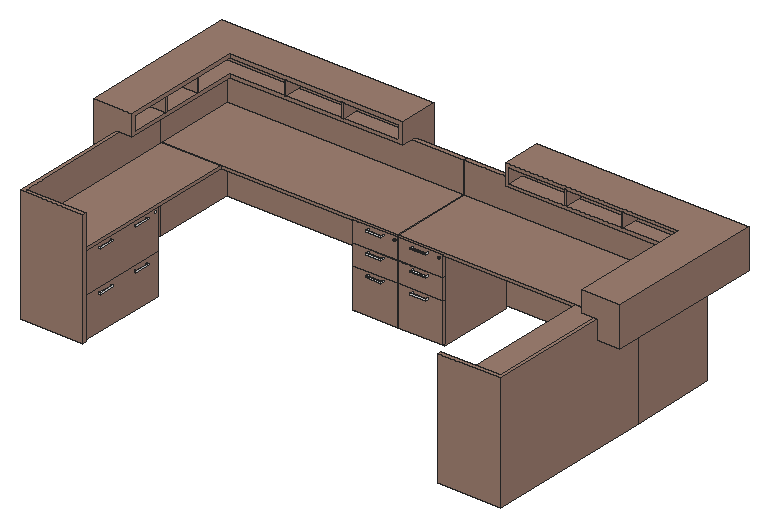
Revit family "T100015", category Furniture, Revit 2022
Family settings
  OmniClass Number = 23.40.20.00
  OmniClass Title = General Furniture and Specialties
  Work Plane-Based = No
  Always vertical = Yes
  Cut with Voids When Loaded = No
  Render Appearance Source = Family Geometry
  Shared = No
  Room Calculation Point = No
Parameters
  Default Elevation = 0' - 0"
Reference planes (in)
  plane 1 "Center Front/Back": y = 0
  plane 2: z = 0
  plane 3 "Center Left/Right": x = 0
Dimensions and locks (in)
  aligned and locked: level to plane 2
Nested families (in)
  nested 1: "OFS ELEMENT DOUBLE DESK TRANSACTION BOX 84in Width 60in Return" at (42, 19, 0), type "ELEMENT DOUBLE DESK WITH TRANSACTION BOX 84in Width 60in Return"
    with Desk Overlay Option yes
  nested 2: "OFS ELEMENT LATERAL FILE PEDESTAL" at (81.5, -43.1875, 0) x (0, -1, 0) z (0, 0, 1), type "ELEMENT LATERAL FILE PEDESTAL"
  nested 3: "OFS ELEMENT LATERAL FILE PEDESTAL" at (-81.40698, -43.1875, 0) x (0, 1, 0) z (0, 0, 1), type "ELEMENT LATERAL FILE PEDESTAL"
  nested 4: "OFS ELEMENT DESK PEDESTAL" at (7.8125, 27.34545, 0), type "ELEMENT DESK PEDESTAL BOX/BOX/FILE RETURN"
  nested 5: "OFS ELEMENT DESK PEDESTAL" at (-7.8125, 27.34545, 0), type "ELEMENT DESK PEDESTAL BOX/BOX/FILE RETURN"
Definition of nested family "OFS ELEMENT DOUBLE DESK TRANSACTION BOX 84in Width 60in Return"
  Parameters (values of type "ELEMENT DOUBLE DESK WITH TRANSACTION BOX 84in Width 60in Return")
    Worksurface Material = none
    Worksurface Height = 2' - 5 1/2"
    Width = 2 * (Desk Width) + 1' 4"  # 15' - 4"
    Desk Width = 7' - 0"
    URL = "http://www.ofsbrands.com/"
    Transaction Shelf Material = none
    Table Depth = 1' - 1 1/2"
    Return Worksurface Width = 1' - 10"
    Model = "EL-B84D60"
    Manufacturer = "OFS"
    Lateral Board Thickness = 0' - 1 3/16"
    Height = 3' - 11 3/4"
    Standoffs Material = none
    Groomet Material = none
    Desk Overlay Thickness = 0' - 0 1/8"
    Desk Overlay Option [instance] = yes
    Desk Overlay Material = none
    Desk Overlay = 0' - 6 1/2"
    Desk Height = 3' - 4 1/2"
    Description = "OFS BRANDS OFS ELEMENT DOUBLE DESK WITH TRANSACTION BOX,  2 x 92\"W x 56\"D DESK, 2 x 60\"W x 22\"D RETURN"
    Desk Depth = 3' - 2"
    Depth = 8' - 2"
    Default Elevation = 0' - 0"
    Copyright © = "© 2018 OFS BRANDS"
    Catalog = "http://ofs.com/products/casegoods/reception/element"
    Box Material = none
    Box L = 1' - 6"
    Box Depth = 0' - 8"
    Box D = 3' - 6"
    Bottom Board Offset = 0' - 0"
    Chassis Material = none
    Base Depth = 2' - 6"
    Back Board Thickness = 0' - 1 3/16"
    Authoring Version = "Autodesk Revit Architecture 2013"
    Assembly Code = "E2020200"
  Reference planes (in)
    plane 1 "Center Front/Back": y = 0
    plane 2: z = 0
    plane 3 "Center Left/Right": x = 0
    plane 4 "Back External": y = 19
    plane 5 "Right External": x = 42
    plane 6 "Front External": y = -19
    plane 7 "Left External": x = -42
    plane 8 "Seat Height": z = 29.5
    plane 9 "Height": z = 47.75
    plane 10: x = 40.8125
    plane 11: x = -40.8125
    plane 12: y = 11
    plane 13: y = 9.8125
    plane 14: y = 5.5
    plane 15: z = 40.5
    plane 16: z = 28.5
    plane 17: z = 46.625
    plane 18: z = 0
    plane 19: x = 35.5
    plane 20: x = -35.5
    plane 21: z = 6.5
    plane 22: z = 34
    plane 23: y = 11.125
    plane 24: y = -79
    plane 25: x = -20
    plane 26: x = 20
    plane 27: y = -77.8125
    plane 28: x = -37
    plane 29: x = 37
    plane 30: x = -24
    plane 31: x = 50
    plane 32: x = -50
    plane 33: x = -36.5
    plane 34: x = 36.5
    plane 35: x = 24
    plane 36: y = -37
    plane 37: y = -35.8125
    plane 38: x = 48.8125
    plane 39: x = -48.8125
    plane 40: x = -22.8125
    plane 41: x = 22.8125
    plane 42: z = 41.625
    plane 43: y = 17.8125
    plane 44: y = -8.27083
    plane 45: y = -22.04167
    plane 46: x = -3.04167
    plane 47: x = 16.72917
    plane 48: x = 3.04167
    plane 49: x = -16.72917
    plane 50: x = -84
    plane 51: x = -126
    plane 52: x = -124.8125
    plane 53: x = -101.5
    plane 54: x = -42.5
    plane 55: x = -58
    plane 56: x = -104
    plane 57: x = -47
    plane 58: x = -121
    plane 59: x = -60
    plane 60: x = -134
    plane 61: x = -41.5
    plane 62: x = -120.5
    plane 63: x = -108
    plane 64: x = -132.8125
    plane 65: x = -55.1875
    plane 66: x = -106.8125
    plane 67: y = -8.27083
    plane 68: y = -22.04167
    plane 69: x = -80.95833
    plane 70: x = -100.72917
    plane 71: x = -85.04167
    plane 72: x = -63.27083
    plane 73: x = -43.1875
    plane 74: x = -61.1875
    plane 75: x = -41.40625
    plane 76: x = -42.59375
  Forms (in)
    Extrusion 1, solid, material <- "Worksurface Material"
      sketch origin (0, 0, 0) x (1, 0, 0) y (0, 1, 0)
        loop
          line (-42, 9.8125) -> (-42, -19) -> (40.8125, -19) -> (40.8125, 9.8125) -> (-42, 9.8125)
      from 28.5 to 29.5
    Extrusion 2, solid, material <- "Chassis Material"
      sketch origin (0, 0, 0) x (1, 0, 0) y (0, 1, 0)
        loop
          line (-42, 9.8125) -> (40.8125, 9.8125) -> (40.8125, -19) -> (42, -19) -> (42, 11) -> (-42, 11) -> (-42, 9.8125)
      from 0 to 40.5
    Extrusion 3, solid, material <- "Box Material"
      sketch origin (0, 0, 6) x (1, 0, 0) y (0, 1, 0)
        loop
          line (-24, 19) -> (-24, 5.5) -> (36.5, 5.5) -> (36.5, -37) -> (50, -37) -> (50, 19) -> (-24, 19)
      from 40.625 to 41.75
    Extrusion 4, solid, material <- "Desk Overlay Material", visible <- "Desk Overlay Option"
      sketch origin (0, 0, 0) x (1, 0, 0) y (0, 0, 1)
        loop
          line (35.5, 34) -> (-35.5, 34) -> (-35.5, 6.5) -> (35.5, 6.5) -> (35.5, 34)
      from -11.125 to -11
    Extrusion 5, solid, material <- "Chassis Material"
      sketch origin (0, 0, 0) x (-1, 0, 0) y (0, -1, 0)
        loop
          line (-42, 19) -> (-40.8125, 19) -> (-40.8125, 77.8125) -> (-20, 77.8125) -> (-20, 79) -> (-42, 79) -> (-42, 19)
      from 0 to 40.5
    Extrusion 6, solid, material <- "Worksurface Material"
      sketch origin (-14.83926, -32.43958, 0) x (-1, 0, 0) y (0, -1, 0)
        loop
          line (-55.65176, -13.43958) -> (-34.83926, -13.43958) -> (-34.83926, 45.37292) -> (-55.65176, 45.37292) -> (-55.65176, -13.43958)
      from 28.5 to 29.5
    Extrusion 7, solid, material <- "Box Material"
      sketch origin (-22, -38, 6) x (1, 0, 0) y (0, 1, 0)
        loop
          line (-2, 49) -> (-2, 43.5) -> (58.5, 43.5) -> (58.5, 1) -> (64, 1) -> (64, 49) -> (-2, 49)
      from 34.5 to 35.625
    Extrusion 8, solid, material <- "Box Material"
      sketch origin (0, 0, 0) x (1, 0, 0) y (0, 1, 0)
        loop
          line (-24, 19) -> (-24, 17.8125) -> (48.8125, 17.8125) -> (48.8125, -37) -> (50, -37) -> (50, 19) -> (-24, 19)
      from 34 to 47.75
    Extrusion 9, solid, material <- "Box Material"
      sketch origin (0, 0, 0) x (-1, 0, 0) y (0, 0, -1)
        loop
          line (-48.8125, -46.625) -> (-36.5, -46.625) -> (-36.5, -41.625) -> (-42, -41.625) -> (-42, -34) -> (-48.8125, -34) -> (-48.8125, -46.625)
      from 35.8125 to 37
    Extrusion 10, solid, material <- "Box Material"
      sketch origin (0, 5.66667, 0) x (1, 0, 0) y (0, 1, 0)
        loop
          line (36.5, -13.8125) -> (36.5, -14.0625) -> (48.8125, -14.0625) -> (48.8125, -13.8125) -> (36.5, -13.8125)
      from 41.625 to 46.625
    Extrusion 11, solid, material <- "Box Material"
      sketch origin (0, -6.66667, 0) x (1, 0, 0) y (0, 1, 0)
        loop
          line (36.5, -15.25) -> (36.5, -15.5) -> (48.8125, -15.5) -> (48.8125, -15.25) -> (36.5, -15.25)
      from 41.625 to 46.625
    Extrusion 12, solid, material <- "Box Material"
      sketch origin (1.16497, -1.66375, 0) x (1, 0, 0) y (0, 1, 0)
        loop
          line (15.58503, 19.47625) -> (15.58503, 7.16375) -> (15.9392, 7.16375) -> (15.9392, 19.47625) -> (15.58503, 19.47625)
      from 41.625 to 46.625
    Extrusion 13, solid, material <- "Box Material"
      sketch origin (-14.60586, -1.66375, 0) x (1, 0, 0) y (0, 1, 0)
        loop
          line (11.1892, 19.47625) -> (11.1892, 7.16375) -> (11.9392, 7.16375) -> (11.9392, 19.47625) -> (11.1892, 19.47625)
      from 41.625 to 46.625
    Extrusion 14, solid, material <- "Box Material"
      sketch origin (-3.41497, -1.91375, 0) x (-1, 0, 0) y (0, -1, 0)
        loop
          line (19.39753, -19.72625) -> (20.58503, -19.72625) -> (20.58503, -7.41375) -> (19.39753, -7.41375) -> (19.39753, -19.72625)
      from 41.625 to 46.625
    Extrusion 15, solid, material <- "Box Material"
      sketch origin (-3.41497, -1.91375, 0) x (-1, 0, 0) y (0, -1, 0)
        loop
          line (19.39753, -19.72625) -> (20.58503, -19.72625) -> (20.58503, -12.91375) -> (19.39753, -12.91375) -> (19.39753, -19.72625)
      from 34 to 41.625
    Extrusion 16, solid, material <- "Box Material"
      sketch origin (-72, 0, 6) x (-1, 0, 0) y (0, -1, 0)
        loop
          line (-12, -19) -> (62, -19) -> (62, 37) -> (48.5, 37) -> (48.5, -5.5) -> (-12, -5.5) -> (-12, -19)
      from 40.625 to 41.75
    Extrusion 17, solid, material <- "Chassis Material"
      sketch origin (-72, 0, 0) x (1, 0, 0) y (0, 1, 0)
        loop
          line (-54, -19) -> (-54, -79) -> (-32, -79) -> (-32, -77.8125) -> (-52.8125, -77.8125) -> (-52.8125, -19) -> (-54, -19)
      from 0 to 40.5
    Extrusion 18, solid, material <- "Worksurface Material"
      sketch origin (-57.16074, -32.43958, 0) x (1, 0, 0) y (0, 1, 0)
        loop
          line (-67.65176, 13.43958) -> (-67.65176, -45.37292) -> (-46.83926, -45.37292) -> (-46.83926, 13.43958) -> (-67.65176, 13.43958)
      from 28.5 to 29.5
    Extrusion 19, solid, material <- "Box Material"
      sketch origin (-50, -38, 6) x (-1, 0, 0) y (0, -1, 0)
        loop
          line (10, -49) -> (76, -49) -> (76, -1) -> (70.5, -1) -> (70.5, -43.5) -> (10, -43.5) -> (10, -49)
      from 34.5 to 35.625
    Extrusion 20, solid, material <- "Box Material"
      sketch origin (-72, 0, 0) x (-1, 0, 0) y (0, -1, 0)
        loop
          line (-12, -19) -> (62, -19) -> (62, 37) -> (60.8125, 37) -> (60.8125, -17.8125) -> (-12, -17.8125) -> (-12, -19)
      from 34 to 47.75
    Extrusion 21, solid, material <- "Box Material"
      sketch origin (-72, 0, 0) x (1, 0, 0) y (0, 0, 1)
        loop
          line (-60.8125, 46.625) -> (-60.8125, 34) -> (-54, 34) -> (-54, 41.625) -> (-48.5, 41.625) -> (-48.5, 46.625) -> (-60.8125, 46.625)
      from 35.8125 to 37
    Extrusion 22, solid, material <- "Box Material"
      sketch origin (-72, 5.66667, 0) x (-1, 0, 0) y (0, -1, 0)
        loop
          line (48.5, 13.8125) -> (60.8125, 13.8125) -> (60.8125, 14.0625) -> (48.5, 14.0625) -> (48.5, 13.8125)
      from 41.625 to 46.625
    Extrusion 23, solid, material <- "Box Material"
      sketch origin (-72, -6.66667, 0) x (-1, 0, 0) y (0, -1, 0)
        loop
          line (48.5, 15.25) -> (60.8125, 15.25) -> (60.8125, 15.5) -> (48.5, 15.5) -> (48.5, 15.25)
      from 41.625 to 46.625
    Extrusion 24, solid, material <- "Box Material"
      sketch origin (-73.16497, -1.66375, 0) x (-1, 0, 0) y (0, -1, 0)
        loop
          line (27.58503, -19.47625) -> (27.9392, -19.47625) -> (27.9392, -7.16375) -> (27.58503, -7.16375) -> (27.58503, -19.47625)
      from 41.625 to 46.625
    Extrusion 25, solid, material <- "Box Material"
      sketch origin (-57.39414, -1.66375, 0) x (-1, 0, 0) y (0, -1, 0)
        loop
          line (23.1892, -19.47625) -> (23.9392, -19.47625) -> (23.9392, -7.16375) -> (23.1892, -7.16375) -> (23.1892, -19.47625)
      from 41.625 to 46.625
    Extrusion 26, solid, material <- "Box Material"
      sketch origin (-68.58503, -1.91375, 0) x (1, 0, 0) y (0, 1, 0)
        loop
          line (7.39753, 19.72625) -> (7.39753, 7.41375) -> (8.58503, 7.41375) -> (8.58503, 19.72625) -> (7.39753, 19.72625)
      from 41.625 to 46.625
    Extrusion 27, solid, material <- "Box Material"
      sketch origin (-68.58503, -1.91375, 0) x (1, 0, 0) y (0, 1, 0)
        loop
          line (7.39753, 19.72625) -> (7.39753, 12.91375) -> (8.58503, 12.91375) -> (8.58503, 19.72625) -> (7.39753, 19.72625)
      from 34 to 41.625
    Extrusion 28, solid, material <- "Worksurface Material"
      sketch origin (-72, 0, 0) x (-1, 0, 0) y (0, -1, 0)
        loop
          line (-30, -9.8125) -> (52.8125, -9.8125) -> (52.8125, 19) -> (-30, 19) -> (-30, -9.8125)
      from 28.5 to 29.5
    Extrusion 29, solid, material <- "Chassis Material"
      sketch origin (-72, 0, 0) x (-1, 0, 0) y (0, -1, 0)
        loop
          line (-30, -9.8125) -> (-30, -11) -> (54, -11) -> (54, 19) -> (52.8125, 19) -> (52.8125, -9.8125) -> (-30, -9.8125)
      from 0 to 40.5
    Extrusion 30, solid, material <- "Desk Overlay Material", visible <- "Desk Overlay Option"
      sketch origin (-72, 0, 0) x (-1, 0, 0) y (0, 0, -1)
        loop
          line (29.5, -34) -> (29.5, -6.5) -> (-29.5, -6.5) -> (-29.5, -34) -> (29.5, -34)
      from -11.125 to -11
    Extrusion 31, solid, material <- "Chassis Material"
      sketch origin (0, 0, 0) x (1, 0, 0) y (0, 1, 0)
        loop
          line (-42.59375, 9.8125) -> (-42.59375, 0) -> (-41.40625, 0) -> (-41.40625, 9.8125) -> (-42.59375, 9.8125)
      from 0 to 28.5
  Cuts and joins
    joined: Extrusion 3, Extrusion 7, Extrusion 8, Extrusion 9, Extrusion 14, Extrusion 15
    joined: Extrusion 16, Extrusion 19, Extrusion 20, Extrusion 21, Extrusion 26, Extrusion 27
  Dimensions and locks (in)
    equal spacing: plane 7 "Left External", plane 3 "Center Left/Right", plane 5 "Right External"
    "Desk Width": plane 7 "Left External" to plane 5 "Right External"
    equal spacing: plane 6 "Front External", plane 1 "Center Front/Back", plane 4 "Back External"
    "Desk Depth": plane 4 "Back External" to plane 6 "Front External"
    "Worksurface Height": plane 8 "Seat Height" to level
    "Height": plane 9 "Height" to level
    "Lateral Board Thickness": plane 7 "Left External" to plane 11
    "Lateral Board Thickness": plane 10 to plane 5 "Right External"
    "Base Depth": plane 12 to plane 6 "Front External"
    "Back Board Thickness": plane 12 to plane 13
    "Table Depth": plane 4 "Back External" to plane 14
    "Desk Height": plane 15 to level
    "Bottom Board Offset": plane 18 to level
    "Desk Overlay": plane 5 "Right External" to plane 19
    "Desk Overlay": plane 20 to plane 7 "Left External"
    plane 20 to plane 19 = 5' - 11"
    "Desk Overlay": plane 22 to plane 15
    "Desk Overlay": plane 18 to plane 21
    "Desk Overlay Thickness": plane 23 to plane 12
    "Depth": plane 4 "Back External" to plane 24
    "Return Worksurface Width": plane 7 "Left External" to plane 25
    "Return Worksurface Width": plane 26 to plane 5 "Right External"
    "Back Board Thickness": plane 27 to plane 24
    locked: plane 7 "Left External" to plane 28 at 5
    locked: plane 29 to plane 5 "Right External" at 5
    locked: plane 9 "Height" to plane 17 at 1.125
    locked: plane 8 "Seat Height" to plane 16 at 1
    "Box Depth": plane 5 "Right External" to plane 31
    "Box Depth": plane 7 "Left External" to plane 32
    "Table Depth": plane 32 to plane 33
    "Table Depth": plane 31 to plane 34
    "Box L": plane 7 "Left External" to plane 30
    "Box L": plane 5 "Right External" to plane 35
    "Box D": plane 36 to plane 24
    "Back Board Thickness": plane 37 to plane 36
    "Back Board Thickness": plane 38 to plane 31
    "Back Board Thickness": plane 39 to plane 32
    "Back Board Thickness": plane 30 to plane 40
    "Back Board Thickness": plane 41 to plane 35
    locked: plane 42 to plane 15 at 1.125
    "Back Board Thickness": plane 4 "Back External" to plane 43
    equal spacing: plane 14, plane 44, plane 45, plane 37
    equal spacing: plane 40, plane 46, plane 47, plane 34
    equal spacing: plane 41, plane 48, plane 49, plane 33
    equal spacing: plane 7 "Left External", plane 50, plane 51
    "Desk Width": plane 7 "Left External" to plane 51
    "Lateral Board Thickness": plane 52 to plane 51
    plane 12 to plane 6 "Front External" = 2' - 6"
    plane 12 to plane 13 = 0' - 1 3/16"
    "Table Depth": Extrusion 16 to plane 14
    "Return Worksurface Width": plane 56 to plane 51
    locked: plane 7 "Left External" to plane 57 at 5
    locked: plane 58 to plane 51 at 5
    "Box Depth": plane 51 to plane 60
    "Table Depth": plane 60 to plane 62
    "Box L": plane 7 "Left External" to plane 59
    "Box L": plane 51 to plane 63
    "Back Board Thickness": plane 64 to plane 60
    "Back Board Thickness": plane 66 to plane 63
    equal spacing: plane 14, plane 67, plane 68, plane 37
    equal spacing: plane 74, plane 69, plane 70, plane 62
    equal spacing: plane 66, plane 71, plane 72, plane 61
    "Lateral Board Thickness": plane 7 "Left External" to plane 73
    "Back Board Thickness": plane 74 to plane 59
    "Back Board Thickness": plane 76 to plane 75
    equal spacing: plane 76, plane 7 "Left External", plane 75
    aligned and locked: level to plane 2
    aligned and locked: Extrusion 1 sketch curve to plane 13
    aligned and locked: Extrusion 1 sketch curve to plane 6 "Front External"
    aligned and locked: Extrusion 1 sketch curve to plane 10
    aligned and locked: plane 7 "Left External" to Extrusion 2 sketch curve
    aligned and locked: Extrusion 2 sketch curve to plane 12
    aligned and locked: plane 5 "Right External" to Extrusion 2 sketch curve
    aligned and locked: Extrusion 2 sketch curve to plane 13
    aligned and locked: Extrusion 2 to plane 18
    aligned and locked: Extrusion 3 to plane 14
    aligned and locked: Extrusion 3 to plane 4 "Back External"
    aligned and locked: Extrusion 3 to plane 9 "Height"
    aligned and locked: Extrusion 3 to plane 17
    aligned and locked: Extrusion 4 sketch curve to plane 22
    aligned and locked: Extrusion 4 sketch curve to plane 19
    aligned and locked: Extrusion 4 sketch curve to plane 21
    aligned and locked: Extrusion 4 sketch curve to plane 20
    aligned and locked: Extrusion 4 to plane 12
    aligned and locked: Extrusion 4 to plane 23
    aligned and locked: Extrusion 6 to plane 6 "Front External"
    aligned and locked: Extrusion 6 to plane 26
    aligned and locked: Extrusion 6 to plane 10
    aligned and locked: Extrusion 6 to plane 27
    aligned and locked: Extrusion 5 to plane 6 "Front External"
    aligned and locked: Extrusion 5 to plane 10
    aligned and locked: Extrusion 5 to plane 5 "Right External"
    aligned and locked: plane 27 to Extrusion 5
    aligned and locked: Extrusion 5 to plane 24
    aligned and locked: Extrusion 5 to plane 18
    aligned and locked: Extrusion 5 to plane 15
    aligned and locked: plane 31 to Extrusion 3 sketch curve
    aligned and locked: plane 34 to Extrusion 3 sketch curve
    aligned and locked: plane 36 to Extrusion 3 sketch curve
    aligned and locked: Extrusion 3 sketch curve to plane 30
    aligned and locked: Extrusion 6 to plane 16
    aligned and locked: Extrusion 6 to plane 8 "Seat Height"
    aligned and locked: Extrusion 2 to plane 15
    aligned and locked: Extrusion 7 to plane 15
    aligned and locked: Extrusion 7 to plane 42
    aligned and locked: plane 36 to Extrusion 8 sketch curve
    aligned and locked: plane 31 to Extrusion 8 sketch curve
    aligned and locked: Extrusion 8 sketch curve to plane 38
    aligned and locked: Extrusion 8 to plane 30
    aligned and locked: Extrusion 9 to plane 36
    aligned and locked: plane 37 to Extrusion 9
    aligned and locked: Extrusion 8 to plane 9 "Height"
    aligned and locked: plane 22 to Extrusion 9
    aligned and locked: Extrusion 8 to plane 22
    aligned and locked: Extrusion 10 to plane 34
    aligned and locked: Extrusion 11 to plane 34
    aligned and locked: Extrusion 11 to plane 17
    aligned and locked: Extrusion 10 to plane 17
    aligned and locked: Extrusion 11 to plane 42
    aligned and locked: Extrusion 10 to plane 42
    aligned and locked: Extrusion 11 to plane 38
    aligned and locked: Extrusion 10 to plane 38
    aligned and locked: Extrusion 7 to plane 36
    aligned and locked: plane 5 "Right External" to Extrusion 7
    aligned and locked: Extrusion 7 to plane 30
    aligned and locked: Extrusion 8 to plane 43
    aligned and locked: Extrusion 7 to plane 12
    aligned and locked: Extrusion 13 to plane 14
    aligned and locked: plane 43 to Extrusion 13
    aligned and locked: plane 43 to Extrusion 12
    aligned and locked: plane 17 to Extrusion 13
    aligned and locked: plane 17 to Extrusion 12
    aligned and locked: Extrusion 13 to plane 42
    aligned and locked: Extrusion 12 to plane 42
    aligned and locked: Extrusion 14 to plane 30
    aligned and locked: plane 40 to Extrusion 14
    aligned and locked: plane 43 to Extrusion 14
    aligned and locked: Extrusion 14 to plane 14
    aligned and locked: plane 17 to Extrusion 14
    aligned and locked: Extrusion 14 to plane 42
    aligned and locked: Extrusion 15 to plane 22
    aligned and locked: Extrusion 15 to plane 12
    aligned and locked: plane 43 to Extrusion 15
    aligned and locked: Extrusion 15 to plane 30
    aligned and locked: plane 42 to Extrusion 15
    aligned and locked: plane 14 to Extrusion 16
    aligned and locked: Extrusion 16 to plane 4 "Back External"
    aligned and locked: Extrusion 18 to plane 6 "Front External"
    aligned and locked: plane 56 to Extrusion 18
    aligned and locked: Extrusion 18 to plane 52
    aligned and locked: plane 27 to Extrusion 18
    aligned and locked: Extrusion 17 to plane 6 "Front External"
    aligned and locked: plane 52 to Extrusion 17
    aligned and locked: Extrusion 17 to plane 51
    aligned and locked: Extrusion 17 to plane 27
    aligned and locked: plane 24 to Extrusion 17
    aligned and locked: plane 60 to Extrusion 16 sketch curve
    aligned and locked: plane 62 to Extrusion 16 sketch curve
    aligned and locked: Extrusion 16 sketch curve to plane 36
    aligned and locked: Extrusion 16 sketch curve to plane 59
    aligned and locked: Extrusion 20 sketch curve to plane 36
    aligned and locked: Extrusion 20 sketch curve to plane 60
    aligned and locked: plane 64 to Extrusion 20 sketch curve
    aligned and locked: plane 59 to Extrusion 20
    aligned and locked: plane 36 to Extrusion 21
    aligned and locked: Extrusion 21 to plane 37
    aligned and locked: plane 62 to Extrusion 22
    aligned and locked: plane 62 to Extrusion 23
    aligned and locked: plane 64 to Extrusion 23
    aligned and locked: plane 64 to Extrusion 22
    aligned and locked: plane 36 to Extrusion 19
    aligned and locked: Extrusion 19 to plane 51
    aligned and locked: plane 59 to Extrusion 19
    aligned and locked: Extrusion 19 to plane 12
    aligned and locked: plane 14 to Extrusion 25
    aligned and locked: plane 59 to Extrusion 26
    aligned and locked: plane 14 to Extrusion 26
    aligned and locked: plane 12 to Extrusion 27
    aligned and locked: plane 59 to Extrusion 27
    aligned and locked: Extrusion 28 to Extrusion 29 sketch curve
    aligned and locked: Extrusion 29 sketch curve to Extrusion 28
    aligned and locked: plane 74 to Extrusion 26
    aligned and locked: plane 74 to Extrusion 27
    aligned and locked: Extrusion 1 to plane 7 "Left External"
    aligned and locked: plane 7 "Left External" to Extrusion 28
    aligned and locked: Extrusion 31 sketch curve to plane 13
    aligned and locked: plane 76 to Extrusion 31 sketch curve
    aligned and locked: Extrusion 31 sketch curve to plane 1 "Center Front/Back"
    aligned and locked: plane 75 to Extrusion 31 sketch curve
    aligned and locked: Extrusion 31 to Extrusion 1
  Automatic sketch dimensions
    Extrusion 3 sketch curve to plane 14 = 0' - 0"
    plane 4 "Back External" to Extrusion 3 sketch curve = 0' - 0"
    Extrusion 5 sketch curve to plane 5 "Right External" = 0' - 0"
    Extrusion 5 sketch curve to plane 10 = 0' - 0"
    Extrusion 5 sketch curve to plane 26 = 0' - 0"
    Extrusion 5 sketch curve to plane 24 = 0' - 0"
    Extrusion 5 sketch curve to plane 27 = 0' - 0"
    Extrusion 5 sketch curve to plane 6 "Front External" = 0' - 0"
    Extrusion 6 sketch curve to plane 10 = 0' - 0"
    Extrusion 6 sketch curve to plane 26 = 0' - 0"
    Extrusion 6 sketch curve to plane 27 = 0' - 0"
    Extrusion 6 sketch curve to plane 6 "Front External" = 0' - 0"
    Extrusion 7 sketch curve to plane 12 = 0' - 0"
    Extrusion 7 sketch curve to plane 30 = 0' - 0"
    Extrusion 7 sketch curve to plane 34 = 0' - 0"
    Extrusion 7 sketch curve to plane 5 "Right External" = 0' - 0"
    Extrusion 7 sketch curve to plane 36 = 0' - 0"
    Extrusion 7 sketch curve to plane 14 = 0' - 0"
    Extrusion 8 sketch curve to plane 4 "Back External" = 0' - 0"
    Extrusion 8 sketch curve to plane 30 = 0' - 0"
    plane 43 to Extrusion 8 sketch curve = 0' - 0"
    Extrusion 9 sketch curve to plane 17 = 0' - 0"
    plane 38 to Extrusion 9 sketch curve = 0' - 0"
    Extrusion 9 sketch curve to plane 5 "Right External" = 0' - 0"
    Extrusion 9 sketch curve to plane 34 = 0' - 0"
    Extrusion 9 sketch curve to plane 22 = 0' - 0"
    Extrusion 9 sketch curve to plane 42 = 0' - 0"
    Extrusion 10 sketch curve to plane 34 = 0' - 0"
    Extrusion 10 sketch curve to plane 38 = 0' - 0"
    Extrusion 10 sketch curve to plane 44 = 0' - 0 1/8"
    plane 44 to Extrusion 10 sketch curve = 0' - 0 1/8"
    Extrusion 11 sketch curve to plane 34 = 0' - 0"
    Extrusion 11 sketch curve to plane 38 = 0' - 0"
    Extrusion 11 sketch curve to plane 45 = 0' - 0 1/8"
    plane 45 to Extrusion 11 sketch curve = 0' - 0 1/8"
    Extrusion 12 sketch curve to plane 14 = 0' - 0"
    Extrusion 12 sketch curve to plane 43 = 0' - 0"
    plane 47 to Extrusion 12 sketch curve = 0' - 0.02083"
    Extrusion 12 sketch curve to Extrusion 12 sketch curve = 0' - 0.35417"
    Extrusion 13 sketch curve to plane 14 = 0' - 0"
    Extrusion 13 sketch curve to plane 43 = 0' - 0"
    Extrusion 13 sketch curve to plane 46 = 0' - 0 3/8"
    plane 46 to Extrusion 13 sketch curve = 0' - 0 3/8"
    Extrusion 14 sketch curve to plane 14 = 0' - 0"
    Extrusion 14 sketch curve to plane 40 = 0' - 0"
    Extrusion 14 sketch curve to plane 30 = 0' - 0"
    Extrusion 14 sketch curve to plane 43 = 0' - 0"
    Extrusion 15 sketch curve to plane 12 = 0' - 0"
    Extrusion 15 sketch curve to plane 40 = 0' - 0"
    Extrusion 15 sketch curve to plane 30 = 0' - 0"
    Extrusion 15 sketch curve to plane 43 = 0' - 0"
    Extrusion 16 sketch curve to plane 4 "Back External" = 0' - 0"
    Extrusion 16 sketch curve to plane 14 = 0' - 0"
    Extrusion 17 sketch curve to plane 24 = 0' - 0"
    Extrusion 17 sketch curve to plane 51 = 0' - 0"
    Extrusion 17 sketch curve to plane 27 = 0' - 0"
    Extrusion 17 sketch curve to plane 52 = 0' - 0"
    Extrusion 17 sketch curve to plane 56 = 0' - 0"
    Extrusion 17 sketch curve to plane 6 "Front External" = 0' - 0"
    Extrusion 18 sketch curve to plane 27 = 0' - 0"
    Extrusion 18 sketch curve to plane 52 = 0' - 0"
    Extrusion 18 sketch curve to plane 56 = 0' - 0"
    Extrusion 18 sketch curve to plane 6 "Front External" = 0' - 0"
    Extrusion 19 sketch curve to plane 12 = 0' - 0"
    Extrusion 19 sketch curve to plane 59 = 0' - 0"
    Extrusion 19 sketch curve to plane 36 = 0' - 0"
    Extrusion 19 sketch curve to plane 62 = 0' - 0"
    Extrusion 19 sketch curve to plane 51 = 0' - 0"
    Extrusion 19 sketch curve to plane 14 = 0' - 0"
    Extrusion 20 sketch curve to plane 4 "Back External" = 0' - 0"
    Extrusion 20 sketch curve to plane 59 = 0' - 0"
    Extrusion 20 sketch curve to plane 43 = 0' - 0"
    Extrusion 21 sketch curve to plane 17 = 0' - 0"
    Extrusion 21 sketch curve to plane 64 = 0' - 0"
    Extrusion 21 sketch curve to plane 42 = 0' - 0"
    plane 51 to Extrusion 21 sketch curve = 0' - 0"
    plane 62 to Extrusion 21 sketch curve = 0' - 0"
    Extrusion 21 sketch curve to plane 22 = 0' - 0"
    Extrusion 22 sketch curve to plane 62 = 0' - 0"
    Extrusion 22 sketch curve to plane 64 = 0' - 0"
    plane 44 to Extrusion 22 sketch curve = 0' - 0 1/8"
    Extrusion 22 sketch curve to plane 44 = 0' - 0 1/8"
    Extrusion 23 sketch curve to plane 62 = 0' - 0"
    Extrusion 23 sketch curve to plane 64 = 0' - 0"
    plane 45 to Extrusion 23 sketch curve = 0' - 0 1/8"
    Extrusion 23 sketch curve to plane 45 = 0' - 0 1/8"
    Extrusion 24 sketch curve to plane 14 = 0' - 0"
    Extrusion 24 sketch curve to plane 43 = 0' - 0"
    Extrusion 24 sketch curve to plane 70 = 0' - 0.02083"
    Extrusion 24 sketch curve to Extrusion 24 sketch curve = 0' - 0.35417"
    Extrusion 25 sketch curve to plane 14 = 0' - 0"
    Extrusion 25 sketch curve to plane 43 = 0' - 0"
    plane 69 to Extrusion 25 sketch curve = 0' - 0 3/8"
    Extrusion 25 sketch curve to plane 69 = 0' - 0 3/8"
    Extrusion 26 sketch curve to plane 14 = 0' - 0"
    plane 65 to Extrusion 26 sketch curve = 0' - 6"
    Extrusion 26 sketch curve to plane 59 = 0' - 0"
    Extrusion 26 sketch curve to plane 43 = 0' - 0"
    Extrusion 27 sketch curve to plane 12 = 0' - 0"
    plane 65 to Extrusion 27 sketch curve = 0' - 6"
    Extrusion 27 sketch curve to plane 59 = 0' - 0"
    Extrusion 27 sketch curve to plane 43 = 0' - 0"
    Extrusion 28 sketch curve to plane 6 "Front External" = 0' - 0"
    Extrusion 28 sketch curve to plane 13 = 0' - 0"
    Extrusion 28 sketch curve to plane 52 = 0' - 0"
    plane 7 "Left External" to Extrusion 28 sketch curve = 0' - 0"
    Extrusion 29 sketch curve to plane 7 "Left External" = 0' - 0"
    Extrusion 29 sketch curve to plane 12 = 0' - 0"
    Extrusion 29 sketch curve to plane 51 = 0' - 0"
    Extrusion 29 sketch curve to plane 13 = 0' - 0"
    Extrusion 30 sketch curve to plane 22 = 0' - 0"
    Extrusion 30 sketch curve to plane 54 = 0' - 0"
    Extrusion 30 sketch curve to plane 21 = 0' - 0"
    plane 53 to Extrusion 30 sketch curve = 0' - 0"
    Extrusion 2 sketch curve to plane 6 "Front External" = 0' - 0"
    Extrusion 2 sketch curve to plane 10 = 0' - 0"
    plane 11 to Extrusion 1 sketch curve = 0' - 1 3/16"
Definition of nested family "OFS ELEMENT LATERAL FILE PEDESTAL"
  Parameters (values of type "ELEMENT LATERAL FILE PEDESTAL")
    Worksurface Material = none
    Width = 2' - 7 1/4"
    URL = "http://ofsbrands.com"
    Top Thickness = 0' - 0"
    Lateral Boads Thickness = 0' - 0 5/8"
    Frontboard Thickness = 0' - 0 3/4"
    Frontboard Space = 0' - 0 1/4"
    Drawer Handles Material = none
    Drawer Handle Width = 0' - 5 7/16"
    Drawer Handle Depth = 0' - 1"
    Drawer 1 Height = 1' - 2 1/2"
    Door Gap = 0' - 0 1/8"
    Depth = 1' - 7 5/8"
    Model = "EL-3120MFC"
    Manufacturer = "OFS"
    Height = 2' - 4 13/16"
    Description = "OFS BRANDS OFS ELEMENT LATERAL FILE PEDESTAL, Two Lateral File Drawers."
    Default Elevation = 0' - 0"
    Copyright © = "© OFS BRANDS 2018"
    Chasis Material = none
    Catalog = "http://ofs.com/products/casegoods/reception/element"
    Bottomboard Thickness = 0' - 0 15/16"
    Bottom Board Offset = 0' - 0 9/16"
    Backboard Thickness = 0' - 0 15/16"
    Authoring Version = "Autodesk Revit Architecture 2013"
    Assembly Code = "E2020200"
  Reference planes (in)
    plane 1 "Center Front/Back": y = 0
    plane 2: z = 0
    plane 3 "Center Left/Right": x = 0
    plane 4 "Left End": x = -15.625
    plane 5 "Front End": y = -19.625
    plane 6 "Right End": x = 15.625
    plane 7 "Height Top": z = 28.8125
    plane 8: z = 0.5625
    plane 9: y = -0.9375
    plane 10: y = -19.375
    plane 11: x = 15
    plane 12: x = -15
    plane 13: y = -18.625
    plane 14: z = 1.5
    plane 15: z = 28.8125
    plane 16: x = -0.0625
    plane 17: x = 0.0625
    plane 18: x = 7.8125
    plane 19: x = -7.8125
    plane 20: x = -10.53125
    plane 21: x = -5.09375
    plane 22: x = 10.53125
    plane 23: x = 5.09375
    plane 24: y = -20.375
    plane 25: y = -22.31418
    plane 26: x = -10.28125
    plane 27: y = -20.125
    plane 28: x = -5.34375
    plane 29: z = 27.8125
    plane 30: z = 27.3125
    plane 31: x = 10.28125
    plane 32: x = 5.34375
    plane 33: z = 14.5
    plane 34: z = 14.375
    plane 35: z = 21.65625
    plane 36: z = 21.53125
    plane 37: z = 20.65625
    plane 38: z = 20.15625
    plane 39: z = 13.5
    plane 40: z = 13
    plane 41: x = 0.46875
    plane 42: x = -0.46875
    plane 43: z = 14.96875
    plane 44: z = 14.03125
  Forms (in)
    Extrusion 1, solid, material <- "Chasis Material"
      sketch origin (-3.125, -5.41266, 0) x (1, 0, 0) y (0, 1, 0)
        loop
          line (-12.5, 5.41266) -> (-12.5, -13.21234) -> (-11.875, -13.21234) -> (-11.875, 5.41266) -> (-12.5, 5.41266)
      from 0 to 28.8125
    Extrusion 2, solid, material <- "Chasis Material"
      sketch origin (37.875, -5.41266, 0) x (1, 0, 0) y (0, 1, 0)
        loop
          line (-22.875, 5.41266) -> (-22.875, -13.21234) -> (-22.25, -13.21234) -> (-22.25, 5.41266) -> (-22.875, 5.41266)
      from 0 to 28.8125
    Extrusion 3, solid, material <- "Chasis Material"
      sketch origin (-5.10739, -10.02382, 0) x (1, 0, 0) y (0, 1, 0)
        loop
          line (-10.51761, -8.60118) -> (-10.51761, -9.35118) -> (20.73239, -9.35118) -> (20.73239, -8.60118) -> (-10.51761, -8.60118)
      from 0.5625 to 14.375
    Extrusion 4, solid, material <- "Chasis Material"
      sketch origin (0, 0, 0) x (1, 0, 0) y (0, 1, 0)
        loop
          line (-15, -0.9375) -> (-15, -18.625) -> (15, -18.625) -> (15, -0.9375) -> (-15, -0.9375)
      from 0.5625 to 1.5
    Extrusion 5, solid, material <- "Drawer Handles Material"
      sketch origin (0, 0, 0) x (1, 0, 0) y (0, 1, 0)
        loop
          line (-10.53125, -19.375) -> (-10.53125, -20.375) -> (-5.09375, -20.375) -> (-5.09375, -19.375) -> (-5.34375, -19.375) -> (-5.34375, -20.125) -> (-10.28125, -20.125) -> (-10.28125, -19.375) -> (-10.53125, -19.375)
      from 27.3125 to 27.8125
    Extrusion 6, solid, material <- "Drawer Handles Material"
      sketch origin (11, 0, 0) x (1, 0, 0) y (0, 1, 0)
        loop
          line (-5.90625, -19.375) -> (-5.90625, -20.375) -> (-0.46875, -20.375) -> (-0.46875, -19.375) -> (-0.71875, -19.375) -> (-0.71875, -20.125) -> (-5.65625, -20.125) -> (-5.65625, -19.375) -> (-5.90625, -19.375)
      from 27.3125 to 27.8125
    Extrusion 7, solid, material <- "Drawer Handles Material"
      sketch origin (0, 0, -14.3125) x (1, 0, 0) y (0, 1, 0)
        loop
          line (-10.53125, -19.375) -> (-10.53125, -20.375) -> (-5.09375, -20.375) -> (-5.09375, -19.375) -> (-5.34375, -19.375) -> (-5.34375, -20.125) -> (-10.28125, -20.125) -> (-10.28125, -19.375) -> (-10.53125, -19.375)
      from 27.3125 to 27.8125
    Extrusion 8, solid, material <- "Drawer Handles Material"
      sketch origin (11, 0, -14.3125) x (1, 0, 0) y (0, 1, 0)
        loop
          line (-5.90625, -19.375) -> (-5.90625, -20.375) -> (-0.46875, -20.375) -> (-0.46875, -19.375) -> (-0.71875, -19.375) -> (-0.71875, -20.125) -> (-5.65625, -20.125) -> (-5.65625, -19.375) -> (-5.90625, -19.375)
      from 27.3125 to 27.8125
    Extrusion 9, solid, material <- "Chasis Material"
      sketch origin (-5.10739, -10.02382, 10.75) x (1, 0, 0) y (0, 1, 0)
        loop
          line (-10.51761, -8.60118) -> (-10.51761, -9.35118) -> (20.73239, -9.35118) -> (20.73239, -8.60118) -> (-10.51761, -8.60118)
      from 3.75 to 18.0625
    Extrusion 10, solid, material <- "Chasis Material"
      sketch origin (0, 0, 0) x (0, 1, 0) y (0, 0, 1)
        loop
          line (-14.87008, 28.23707) -> (-14.87008, 27.4375) -> (-12.37008, 27.4375) -> (-12.37008, 28.23707) -> (-14.87008, 28.23707)
        loop
          line (-2.53617, 27.4375) -> (-0.03617, 27.4375) -> (-0.03617, 28.23707) -> (-2.53617, 28.23707) -> (-2.53617, 27.4375)
        loop
          line (-0.9375, 23.05758) -> (-0.07543, 23.05758) -> (-0.07543, 25.55758) -> (-0.9375, 25.55758) -> (-0.9375, 23.05758)
        loop
          line (-0.9375, 3.00492) -> (-0.07543, 3.00492) -> (-0.07543, 5.50492) -> (-0.9375, 5.50492) -> (-0.9375, 3.00492)
      from -15 to 15
    Extrusion 11, solid, material <- "Chasis Material"
      sketch origin (0, 0, 0) x (1, 0, 0) y (0, 1, 0)
        loop
          line (-0.46875, -2.53617) -> (-0.46875, -18.625) -> (0.46875, -18.625) -> (0.46875, -2.53617) -> (-0.46875, -2.53617)
      from 14.96875 to 27.4375
    Extrusion 12, solid, material <- "Chasis Material"
      sketch origin (0, 0, 0) x (1, 0, 0) y (0, 0, 1)
        loop
          line (-15, 14.96875) -> (-15, 14.03125) -> (15, 14.03125) -> (15, 14.96875) -> (-15, 14.96875)
      from 0.9375 to 18.625
    Blend 13, solid, material <- "Drawer Handles Material"
      base sketch origin (-37.43447, 2.375, 1.54972) x (1, 0, 0) y (0, 0, 1)
        loop
          circle (51.8743, 26.01563) r 0.31101
      top sketch origin (-37.43447, 2.375, 1.54972) x (1, 0, 0) y (0, 0, 1)
        loop
          circle (51.8743, 26.01563) r 0.25
      from 21.75 to 22
  Dimensions and locks (in)
    "Height": plane 7 "Height Top" to level
    "Bottom Board Offset": plane 8 to level
    "Depth": plane 5 "Front End" to plane 1 "Center Front/Back"
    equal spacing: plane 4 "Left End", plane 3 "Center Left/Right", plane 6 "Right End"
    "Width": plane 4 "Left End" to plane 6 "Right End"
    "Backboard Thickness": plane 9 to plane 1 "Center Front/Back"
    "Frontboard Space": plane 10 to plane 5 "Front End"
    "Lateral Boads Thickness": plane 4 "Left End" to plane 12
    "Lateral Boads Thickness": plane 11 to plane 6 "Right End"
    "Frontboard Thickness": plane 13 to plane 10
    "Bottomboard Thickness": plane 14 to plane 8
    "Top Thickness": plane 7 "Height Top" to plane 15
    equal spacing: plane 16, plane 3 "Center Left/Right", plane 17
    "Door Gap": plane 16 to plane 17
    equal spacing: plane 3 "Center Left/Right", plane 18, plane 6 "Right End"
    equal spacing: plane 3 "Center Left/Right", plane 19, plane 4 "Left End"
    equal spacing: plane 20, plane 19, plane 21
    equal spacing: plane 22, plane 18, plane 23
    "Drawer Handle Width": plane 20 to plane 21
    "Drawer Handle Width": plane 23 to plane 22
    "Drawer Handle Depth": plane 10 to plane 24
    locked: plane 20 to plane 26 at 0.25
    locked: plane 27 to plane 24 at 0.25
    locked: plane 21 to plane 28 at 0.25
    locked: plane 15 to plane 29 at 1
    locked: plane 29 to plane 30 at 0.5
    locked: plane 22 to plane 31 at 0.25
    locked: plane 23 to plane 32 at 0.25
    "Drawer 1 Height": plane 33 to level
    "Door Gap": plane 33 to plane 34
    equal spacing: plane 15, plane 35, plane 33
    "Door Gap": plane 35 to plane 36
    locked: plane 35 to plane 37 at 1
    locked: plane 37 to plane 38 at 0.5
    locked: plane 33 to plane 39 at 1
    locked: plane 39 to plane 40 at 0.5
    equal spacing: plane 42, plane 3 "Center Left/Right", plane 41
    "Backboard Thickness": plane 42 to plane 41
    equal spacing: plane 43, plane 33, plane 44
    "Backboard Thickness": plane 43 to plane 44
    aligned and locked: level to plane 2
    aligned and locked: Extrusion 1 to plane 4 "Left End"
    aligned and locked: Extrusion 1 to plane 12
    aligned and locked: Extrusion 1 to plane 1 "Center Front/Back"
    aligned and locked: Extrusion 1 to plane 13
    aligned and locked: Extrusion 2 to plane 1 "Center Front/Back"
    aligned and locked: Extrusion 2 to plane 13
    aligned and locked: plane 11 to Extrusion 2
    aligned and locked: Extrusion 2 to plane 6 "Right End"
    aligned and locked: Extrusion 3 to plane 10
    aligned and locked: plane 13 to Extrusion 3
    aligned and locked: Extrusion 3 to plane 4 "Left End"
    aligned and locked: Extrusion 1 to plane 15
    aligned and locked: Extrusion 2 to plane 15
    aligned and locked: Extrusion 3 to plane 8
    aligned and locked: Extrusion 2 to level
    aligned and locked: Extrusion 1 to level
    aligned and locked: Extrusion 4 sketch curve to plane 9
    aligned and locked: Extrusion 4 sketch curve to plane 12
    aligned and locked: plane 11 to Extrusion 4 sketch curve
    aligned and locked: plane 13 to Extrusion 4 sketch curve
    aligned and locked: Extrusion 4 to plane 8
    aligned and locked: plane 14 to Extrusion 4
    aligned and locked: plane 20 to Extrusion 5 sketch curve
    aligned and locked: Extrusion 5 sketch curve to plane 10  (x2)
    aligned and locked: Extrusion 5 sketch curve to plane 27
    aligned and locked: Extrusion 5 sketch curve to plane 21
    aligned and locked: plane 28 to Extrusion 5 sketch curve
    aligned and locked: plane 29 to Extrusion 5
    aligned and locked: Extrusion 5 to plane 30
    aligned and locked: plane 22 to Extrusion 6
    aligned and locked: Extrusion 6 to plane 31
    aligned and locked: plane 32 to Extrusion 6
    aligned and locked: Extrusion 6 to plane 23
    aligned and locked: Extrusion 6 to plane 24
    aligned and locked: Extrusion 6 to plane 27
    aligned and locked: plane 10 to Extrusion 6  (x2)
    aligned and locked: Extrusion 6 to plane 30
    aligned and locked: plane 29 to Extrusion 6
    aligned and locked: plane 39 to Extrusion 7
    aligned and locked: Extrusion 7 to plane 40
    aligned and locked: Extrusion 8 to plane 40
    aligned and locked: plane 39 to Extrusion 8
    aligned and locked: plane 34 to Extrusion 3
    aligned and locked: Extrusion 9 to plane 4 "Left End"
    aligned and locked: Extrusion 9 to plane 15
    aligned and locked: Extrusion 9 to plane 33
    aligned and locked: plane 12 to Extrusion 10
    aligned and locked: Extrusion 10 to plane 11
    aligned and locked: plane 13 to Extrusion 11 sketch curve
    aligned and locked: Extrusion 11 sketch curve to plane 41
    aligned and locked: plane 42 to Extrusion 11 sketch curve
    aligned and locked: plane 11 to Extrusion 12 sketch curve
    aligned and locked: Extrusion 12 sketch curve to plane 12
    aligned and locked: Extrusion 12 sketch curve to plane 43
    aligned and locked: Extrusion 12 sketch curve to plane 44
    aligned and locked: Extrusion 12 to plane 13
    aligned and locked: plane 9 to Extrusion 12
    aligned and locked: Extrusion 9 to plane 6 "Right End"
    aligned and locked: Extrusion 3 to plane 6 "Right End"
  Automatic sketch dimensions
    Extrusion 1 sketch curve to plane 4 "Left End" = 0' - 0"
    Extrusion 1 sketch curve to plane 12 = 0' - 0"
    Extrusion 1 sketch curve to plane 13 = 0' - 0"
    plane 1 "Center Front/Back" to Extrusion 1 sketch curve = 0' - 0"
    Extrusion 2 sketch curve to plane 11 = 0' - 0"
    Extrusion 2 sketch curve to plane 6 "Right End" = 0' - 0"
    Extrusion 2 sketch curve to plane 13 = 0' - 0"
    plane 1 "Center Front/Back" to Extrusion 2 sketch curve = 0' - 0"
    Extrusion 3 sketch curve to plane 4 "Left End" = 0' - 0"
    Extrusion 3 sketch curve to plane 10 = 0' - 0"
    Extrusion 3 sketch curve to plane 16 = 1' - 3 11/16"
    Extrusion 3 sketch curve to plane 13 = 0' - 0"
    Extrusion 5 sketch curve to plane 26 = 0' - 0"
    Extrusion 5 sketch curve to plane 24 = 0' - 0"
    Extrusion 6 sketch curve to plane 10 = 0' - 0"  (x2)
    Extrusion 6 sketch curve to plane 23 = 0' - 0"
    Extrusion 6 sketch curve to plane 32 = 0' - 0"
    Extrusion 6 sketch curve to plane 31 = 0' - 0"
    Extrusion 6 sketch curve to plane 22 = 0' - 0"
    Extrusion 6 sketch curve to plane 24 = 0' - 0"
    plane 27 to Extrusion 6 sketch curve = 0' - 0"
    Extrusion 7 sketch curve to plane 10 = 0' - 0"  (x2)
    Extrusion 7 sketch curve to plane 20 = 0' - 0"
    Extrusion 7 sketch curve to plane 26 = 0' - 0"
    Extrusion 7 sketch curve to plane 28 = 0' - 0"
    Extrusion 7 sketch curve to plane 21 = 0' - 0"
    Extrusion 7 sketch curve to plane 24 = 0' - 0"
    plane 27 to Extrusion 7 sketch curve = 0' - 0"
    Extrusion 8 sketch curve to plane 10 = 0' - 0"  (x2)
    Extrusion 8 sketch curve to plane 23 = 0' - 0"
    Extrusion 8 sketch curve to plane 32 = 0' - 0"
    Extrusion 8 sketch curve to plane 31 = 0' - 0"
    Extrusion 8 sketch curve to plane 22 = 0' - 0"
    Extrusion 8 sketch curve to plane 24 = 0' - 0"
    plane 27 to Extrusion 8 sketch curve = 0' - 0"
    Extrusion 9 sketch curve to plane 4 "Left End" = 0' - 0"
    Extrusion 9 sketch curve to plane 10 = 0' - 0"
    Extrusion 9 sketch curve to plane 16 = 1' - 3 11/16"
    Extrusion 9 sketch curve to plane 13 = 0' - 0"
    Extrusion 10 sketch curve to plane 9 = 0' - 0"  (x2)
    plane 1 "Center Front/Back" to Extrusion 10 sketch curve = 0' - 0.07543"  (x2)
    plane 14 to Extrusion 10 sketch curve = 0' - 1.50492"
    plane 30 to Extrusion 10 sketch curve = 0' - 0 1/8"  (x2)
    Extrusion 10 sketch curve to plane 9 = 0' - 1.59867"
    plane 13 to Extrusion 10 sketch curve = 0' - 6.25492"
    plane 29 to Extrusion 10 sketch curve = 0' - 0.42457"  (x2)
    Extrusion 10 sketch curve to Extrusion 10 sketch curve = 0' - 2 1/2"  (x2)
    plane 1 "Center Front/Back" to Extrusion 10 sketch curve = 0' - 0.03617"
    plane 35 to Extrusion 10 sketch curve = 0' - 1.40133"
    Extrusion 10 sketch curve to plane 30 = 0' - 1.75492"
    Extrusion 11 sketch curve to plane 9 = 0' - 1.59867"
    plane 30 to Blend 13 sketch curve = 0' - 0.25284"  (x2)
    plane 18 to Blend 13 sketch curve = 0' - 6.62732"  (x2)
    radius of Blend 13 sketch curve = 0' - 0.31101"
    radius of Blend 13 sketch curve = 0' - 0 1/4"
Definition of nested family "OFS ELEMENT DESK PEDESTAL"
  Parameters (values of type "ELEMENT DESK PEDESTAL FILE/FILE RETURN")
    Worksurface Material = none
    Width = 1' - 3 5/8"
    URL = "http://ofsbrands.com"
    Top Thickness = 0' - 0"
    Lateral Boads Thickness = 0' - 0 5/8"
    Frontboard Thickness = 0' - 0 3/4"
    Frontboard Space = 0' - 0 1/4"
    Drawer Handles Material = none
    Drawer Handle Width = 0' - 5 7/16"
    Drawer Handle Depth = 0' - 1"
    Drawer 1 Height = 1' - 2 1/2"
    Door Gap = 0' - 0 1/8"
    Depth = 2' - 3 5/8"
    Model = "EL-1628MFFC"
    Manufacturer = "OFS"
    Height = 2' - 4 13/16"
    Description = "OFS BRANDS OFS ELEMENT DESK PEDESTAL FILE/FILE RETURN, Two File Drawers"
    Default Elevation = 0' - 0"
    Copyright © = "© OFS BRANDS 2018"
    Chasis Material = none
    Catalog = "http://ofs.com/products/casegoods/reception/element"
    Bottomboard Thickness = 0' - 0 15/16"
    Bottom Board Offset = 0' - 0 9/16"
    Backboard Thickness = 0' - 0 15/16"
    Authoring Version = "Autodesk Revit Architecture 2013"
    Assembly Code = "E2020200"
    2 = no
    1 = yes
  Types (3): name | Model | Description | 2 | 1
    (no name) | "EL-1628MFFC" | "OFS BRANDS OFS ELEMENT DESK PEDESTAL FILE/FILE RETURN, Two File Drawers" | no | yes
    ELEMENT DESK PEDESTAL BOX/BOX/FILE RETURN | "EL-1628MBFC" | "OFS BRANDS OFS ELEMENT DESK PEDESTAL BOX/BOX/FILE RETURN, Two Box Drawers, One File Drawer" | yes | no
    ELEMENT DESK PEDESTAL FILE/FILE RETURN | "EL-1628MFFC" | "OFS BRANDS OFS ELEMENT DESK PEDESTAL FILE/FILE RETURN, Two File Drawers" | no | yes
  Reference planes (in)
    plane 1 "Center Front/Back": y = 0
    plane 2: z = 0
    plane 3 "Center Left/Right": x = 0
    plane 4 "Left End": x = -7.8125
    plane 5 "Front End": y = -27.625
    plane 6 "Right End": x = 7.8125
    plane 7 "Height Top": z = 28.8125
    plane 8: z = 0.5625
    plane 9: y = -0.9375
    plane 10: y = -27.375
    plane 11: x = 7.1875
    plane 12: x = -7.1875
    plane 13: y = -26.625
    plane 14: z = 1.5
    plane 15: z = 28.8125
    plane 16: x = 0
    plane 17: x = -2.71875
    plane 18: x = 2.71875
    plane 19: y = -28.375
    plane 20: y = -22.31418
    plane 21: x = -2.46875
    plane 22: y = -28.125
    plane 23: x = 2.46875
    plane 24: z = 27.8125
    plane 25: z = 27.3125
    plane 26: z = 14.5
    plane 27: z = 14.375
    plane 28: z = 21.65625
    plane 29: z = 21.53125
    plane 30: z = 20.65625
    plane 31: z = 20.15625
    plane 32: z = 13.5
    plane 33: z = 13
    plane 34: z = 14.96875
    plane 35: z = 14.03125
  Forms (in)
    Extrusion 1, solid, material <- "Chasis Material"
      sketch origin (-3.125, -5.41266, 0) x (1, 0, 0) y (0, 1, 0)
        loop
          line (-4.6875, 5.41266) -> (-4.6875, -21.21234) -> (-4.0625, -21.21234) -> (-4.0625, 5.41266) -> (-4.6875, 5.41266)
      from 0 to 28.8125
    Extrusion 2, solid, material <- "Chasis Material"
      sketch origin (37.875, -5.41266, 0) x (1, 0, 0) y (0, 1, 0)
        loop
          line (-30.6875, 5.41266) -> (-30.6875, -21.21234) -> (-30.0625, -21.21234) -> (-30.0625, 5.41266) -> (-30.6875, 5.41266)
      from 0 to 28.8125
    Extrusion 3, solid, material <- "Chasis Material"
      sketch origin (-5.10739, -10.02382, 0) x (1, 0, 0) y (0, 1, 0)
        loop
          line (-2.70511, -16.60118) -> (-2.70511, -17.35118) -> (12.91989, -17.35118) -> (12.91989, -16.60118) -> (-2.70511, -16.60118)
      from 0.5625 to 14.375
    Extrusion 4, solid, material <- "Chasis Material"
      sketch origin (0, 0, 0) x (1, 0, 0) y (0, 1, 0)
        loop
          line (-7.1875, -0.9375) -> (-7.1875, -26.625) -> (7.1875, -26.625) -> (7.1875, -0.9375) -> (-7.1875, -0.9375)
      from 0.5625 to 1.5
    Extrusion 5, solid, material <- "Drawer Handles Material"
      sketch origin (7.8125, 0, 0) x (1, 0, 0) y (0, 1, 0)
        loop
          line (-10.53125, -27.375) -> (-10.53125, -28.375) -> (-5.09375, -28.375) -> (-5.09375, -27.375) -> (-5.34375, -27.375) -> (-5.34375, -28.125) -> (-10.28125, -28.125) -> (-10.28125, -27.375) -> (-10.53125, -27.375)
      from 27.3125 to 27.8125
    Extrusion 6, solid, material <- "Drawer Handles Material", visible <- "2"
      sketch origin (7.8125, 0, -7.15625) x (1, 0, 0) y (0, 1, 0)
        loop
          line (-10.53125, -27.375) -> (-10.53125, -28.375) -> (-5.09375, -28.375) -> (-5.09375, -27.375) -> (-5.34375, -27.375) -> (-5.34375, -28.125) -> (-10.28125, -28.125) -> (-10.28125, -27.375) -> (-10.53125, -27.375)
      from 27.3125 to 27.8125
    Extrusion 7, solid, material <- "Drawer Handles Material"
      sketch origin (7.8125, 0, -14.3125) x (1, 0, 0) y (0, 1, 0)
        loop
          line (-10.53125, -27.375) -> (-10.53125, -28.375) -> (-5.09375, -28.375) -> (-5.09375, -27.375) -> (-5.34375, -27.375) -> (-5.34375, -28.125) -> (-10.28125, -28.125) -> (-10.28125, -27.375) -> (-10.53125, -27.375)
      from 27.3125 to 27.8125
    Extrusion 8, solid, material <- "Chasis Material", visible <- "1"
      sketch origin (-5.10739, -10.02382, 10.75) x (1, 0, 0) y (0, 1, 0)
        loop
          line (-2.70511, -16.60118) -> (-2.70511, -17.35118) -> (12.91989, -17.35118) -> (12.91989, -16.60118) -> (-2.70511, -16.60118)
      from 3.75 to 18.0625
    Extrusion 9, solid, material <- "Chasis Material", visible <- "2"
      sketch origin (-18.01928, -10.02382, 13.32115) x (-1, 0, 0) y (0, -1, 0)
        loop
          line (-25.83178, 16.60118) -> (-10.20678, 16.60118) -> (-10.20678, 17.35118) -> (-25.83178, 17.35118) -> (-25.83178, 16.60118)
      from 8.3351 to 15.49135
    Extrusion 10, solid, material <- "Chasis Material", visible <- "2"
      sketch origin (-20.85209, -10.02382, 6.64749) x (-1, 0, 0) y (0, -1, 0)
        loop
          line (-28.66459, 16.60118) -> (-13.03959, 16.60118) -> (-13.03959, 17.35118) -> (-28.66459, 17.35118) -> (-28.66459, 16.60118)
      from 7.85251 to 14.88376
    Extrusion 11, solid, material <- "Chasis Material"
      sketch origin (0, 0, 0) x (0, 1, 0) y (0, 0, 1)
        loop
          line (-22.87008, 28.23707) -> (-22.87008, 27.4375) -> (-20.37008, 27.4375) -> (-20.37008, 28.23707) -> (-22.87008, 28.23707)
        loop
          line (-2.53617, 27.4375) -> (-0.03617, 27.4375) -> (-0.03617, 28.23707) -> (-2.53617, 28.23707) -> (-2.53617, 27.4375)
        loop
          line (-0.9375, 23.05758) -> (-0.07543, 23.05758) -> (-0.07543, 25.55758) -> (-0.9375, 25.55758) -> (-0.9375, 23.05758)
        loop
          line (-0.9375, 3.00492) -> (-0.07543, 3.00492) -> (-0.07543, 5.50492) -> (-0.9375, 5.50492) -> (-0.9375, 3.00492)
      from -7.1875 to 7.1875
    Extrusion 12, solid, material <- "Chasis Material"
      sketch origin (0, 0, 0) x (1, 0, 0) y (0, 0, 1)
        loop
          line (-7.1875, 14.96875) -> (-7.1875, 14.03125) -> (7.1875, 14.03125) -> (7.1875, 14.96875) -> (-7.1875, 14.96875)
      from 0.9375 to 26.625
    Blend 13, solid, material <- "Drawer Handles Material"
      base sketch origin (-45.26475, -5.625, 1.53469) x (1, 0, 0) y (0, 0, 1)
        loop
          circle (51.8743, 26.01563) r 0.31101
      top sketch origin (-45.26475, -5.625, 1.53469) x (1, 0, 0) y (0, 0, 1)
        loop
          circle (51.8743, 26.01563) r 0.25
      from 21.75 to 22
  Dimensions and locks (in)
    "Height": plane 7 "Height Top" to level
    "Bottom Board Offset": plane 8 to level
    "Depth": plane 5 "Front End" to plane 1 "Center Front/Back"
    equal spacing: plane 4 "Left End", plane 3 "Center Left/Right", plane 6 "Right End"
    "Width": plane 4 "Left End" to plane 6 "Right End"
    "Backboard Thickness": plane 9 to plane 1 "Center Front/Back"
    "Frontboard Space": plane 10 to plane 5 "Front End"
    "Lateral Boads Thickness": plane 4 "Left End" to plane 12
    "Lateral Boads Thickness": plane 11 to plane 6 "Right End"
    "Frontboard Thickness": plane 13 to plane 10
    "Bottomboard Thickness": plane 14 to plane 8
    "Top Thickness": plane 7 "Height Top" to plane 15
    equal spacing: plane 17, plane 16, plane 18
    "Drawer Handle Width": plane 17 to plane 18
    "Drawer Handle Depth": plane 10 to plane 19
    locked: plane 17 to plane 21 at 0.25
    locked: plane 22 to plane 19 at 0.25
    locked: plane 18 to plane 23 at 0.25
    locked: plane 15 to plane 24 at 1
    locked: plane 24 to plane 25 at 0.5
    "Drawer 1 Height": plane 26 to level
    "Door Gap": plane 26 to plane 27
    equal spacing: plane 15, plane 28, plane 26
    "Door Gap": plane 28 to plane 29
    locked: plane 28 to plane 30 at 1
    locked: plane 30 to plane 31 at 0.5
    locked: plane 26 to plane 32 at 1
    locked: plane 32 to plane 33 at 0.5
    equal spacing: plane 34, plane 26, plane 35
    "Backboard Thickness": plane 34 to plane 35
    aligned and locked: level to plane 2
    aligned and locked: Extrusion 1 to plane 4 "Left End"
    aligned and locked: Extrusion 1 to plane 12
    aligned and locked: Extrusion 1 to plane 1 "Center Front/Back"
    aligned and locked: Extrusion 1 to plane 13
    aligned and locked: Extrusion 2 to plane 1 "Center Front/Back"
    aligned and locked: Extrusion 2 to plane 13
    aligned and locked: plane 11 to Extrusion 2
    aligned and locked: Extrusion 2 to plane 6 "Right End"
    aligned and locked: Extrusion 3 to plane 10
    aligned and locked: plane 13 to Extrusion 3
    aligned and locked: Extrusion 3 to plane 4 "Left End"
    aligned and locked: Extrusion 1 to plane 15
    aligned and locked: Extrusion 2 to plane 15
    aligned and locked: Extrusion 3 to plane 8
    aligned and locked: Extrusion 2 to level
    aligned and locked: Extrusion 1 to level
    aligned and locked: Extrusion 4 sketch curve to plane 9
    aligned and locked: Extrusion 4 sketch curve to plane 12
    aligned and locked: plane 11 to Extrusion 4 sketch curve
    aligned and locked: plane 13 to Extrusion 4 sketch curve
    aligned and locked: Extrusion 4 to plane 8
    aligned and locked: plane 14 to Extrusion 4
    aligned and locked: Extrusion 5 sketch curve to plane 17
    aligned and locked: Extrusion 5 sketch curve to plane 10  (x2)
    aligned and locked: Extrusion 5 sketch curve to plane 22
    aligned and locked: plane 18 to Extrusion 5 sketch curve
    aligned and locked: Extrusion 5 sketch curve to plane 23
    aligned and locked: plane 24 to Extrusion 5
    aligned and locked: Extrusion 5 to plane 25
    aligned and locked: plane 30 to Extrusion 6
    aligned and locked: Extrusion 6 to plane 31
    aligned and locked: plane 32 to Extrusion 7
    aligned and locked: Extrusion 7 to plane 33
    aligned and locked: plane 27 to Extrusion 3
    aligned and locked: Extrusion 8 to plane 4 "Left End"
    aligned and locked: Extrusion 9 to plane 28
    aligned and locked: plane 29 to Extrusion 10
    aligned and locked: Extrusion 10 to plane 26
    aligned and locked: Extrusion 9 to plane 15
    aligned and locked: Extrusion 8 to plane 15
    aligned and locked: Extrusion 8 to plane 26
    aligned and locked: plane 12 to Extrusion 11
    aligned and locked: Extrusion 11 to plane 11
    aligned and locked: plane 11 to Extrusion 12 sketch curve
    aligned and locked: Extrusion 12 sketch curve to plane 12
    aligned and locked: Extrusion 12 sketch curve to plane 34
    aligned and locked: Extrusion 12 sketch curve to plane 35
    aligned and locked: Extrusion 12 to plane 13
    aligned and locked: plane 9 to Extrusion 12
    aligned and locked: Extrusion 9 to plane 6 "Right End"
    aligned and locked: Extrusion 8 to plane 6 "Right End"
    aligned and locked: Extrusion 10 to plane 6 "Right End"
    aligned and locked: Extrusion 3 to plane 6 "Right End"
    aligned and locked: plane 16 to plane 3 "Center Left/Right"
  Automatic sketch dimensions
    Extrusion 1 sketch curve to plane 4 "Left End" = 0' - 0"
    Extrusion 1 sketch curve to plane 12 = 0' - 0"
    Extrusion 1 sketch curve to plane 13 = 0' - 0"
    plane 1 "Center Front/Back" to Extrusion 1 sketch curve = 0' - 0"
    Extrusion 2 sketch curve to plane 11 = 0' - 0"
    Extrusion 2 sketch curve to plane 6 "Right End" = 0' - 0"
    Extrusion 2 sketch curve to plane 13 = 0' - 0"
    plane 1 "Center Front/Back" to Extrusion 2 sketch curve = 0' - 0"
    Extrusion 3 sketch curve to plane 4 "Left End" = 0' - 0"
    Extrusion 3 sketch curve to plane 10 = 0' - 0"
    Extrusion 3 sketch curve to plane 13 = 0' - 0"
    Extrusion 5 sketch curve to plane 21 = 0' - 0"
    Extrusion 5 sketch curve to plane 19 = 0' - 0"
    Extrusion 6 sketch curve to plane 10 = 0' - 0"  (x2)
    Extrusion 6 sketch curve to plane 17 = 0' - 0"
    Extrusion 6 sketch curve to plane 21 = 0' - 0"
    Extrusion 6 sketch curve to plane 23 = 0' - 0"
    Extrusion 6 sketch curve to plane 18 = 0' - 0"
    Extrusion 6 sketch curve to plane 19 = 0' - 0"
    plane 22 to Extrusion 6 sketch curve = 0' - 0"
    Extrusion 7 sketch curve to plane 10 = 0' - 0"  (x2)
    Extrusion 7 sketch curve to plane 17 = 0' - 0"
    Extrusion 7 sketch curve to plane 21 = 0' - 0"
    Extrusion 7 sketch curve to plane 23 = 0' - 0"
    Extrusion 7 sketch curve to plane 18 = 0' - 0"
    Extrusion 7 sketch curve to plane 19 = 0' - 0"
    plane 22 to Extrusion 7 sketch curve = 0' - 0"
    Extrusion 8 sketch curve to plane 4 "Left End" = 0' - 0"
    Extrusion 8 sketch curve to plane 10 = 0' - 0"
    Extrusion 8 sketch curve to plane 13 = 0' - 0"
    Extrusion 9 sketch curve to plane 10 = 0' - 0"
    Extrusion 9 sketch curve to plane 4 "Left End" = 0' - 0"
    Extrusion 9 sketch curve to plane 13 = 0' - 0"
    Extrusion 10 sketch curve to plane 10 = 0' - 0"
    Extrusion 10 sketch curve to plane 4 "Left End" = 0' - 0"
    Extrusion 10 sketch curve to plane 13 = 0' - 0"
    Extrusion 11 sketch curve to plane 9 = 0' - 0"  (x2)
    plane 1 "Center Front/Back" to Extrusion 11 sketch curve = 0' - 0.07543"  (x2)
    plane 14 to Extrusion 11 sketch curve = 0' - 1.50492"
    plane 25 to Extrusion 11 sketch curve = 0' - 0 1/8"  (x2)
    Extrusion 11 sketch curve to plane 9 = 0' - 1.59867"
    plane 13 to Extrusion 11 sketch curve = 0' - 6.25492"
    plane 24 to Extrusion 11 sketch curve = 0' - 0.42457"  (x2)
    Extrusion 11 sketch curve to Extrusion 11 sketch curve = 0' - 2 1/2"  (x2)
    plane 1 "Center Front/Back" to Extrusion 11 sketch curve = 0' - 0.03617"
    plane 28 to Extrusion 11 sketch curve = 0' - 1.40133"
    Extrusion 11 sketch curve to plane 25 = 0' - 1.75492"
    plane 3 "Center Left/Right" to Extrusion 3 sketch curve = 0' - 7 13/16"
    plane 3 "Center Left/Right" to Extrusion 8 sketch curve = 0' - 7 13/16"
    plane 3 "Center Left/Right" to Extrusion 9 sketch curve = 0' - 7 13/16"
    plane 3 "Center Left/Right" to Extrusion 10 sketch curve = 0' - 7 13/16"
    plane 25 to Blend 13 sketch curve = 0' - 0.23781"  (x2)
    plane 11 to Blend 13 sketch curve = 0' - 0.57795"  (x2)
    radius of Blend 13 sketch curve = 0' - 0.31101"
    radius of Blend 13 sketch curve = 0' - 0 1/4"
